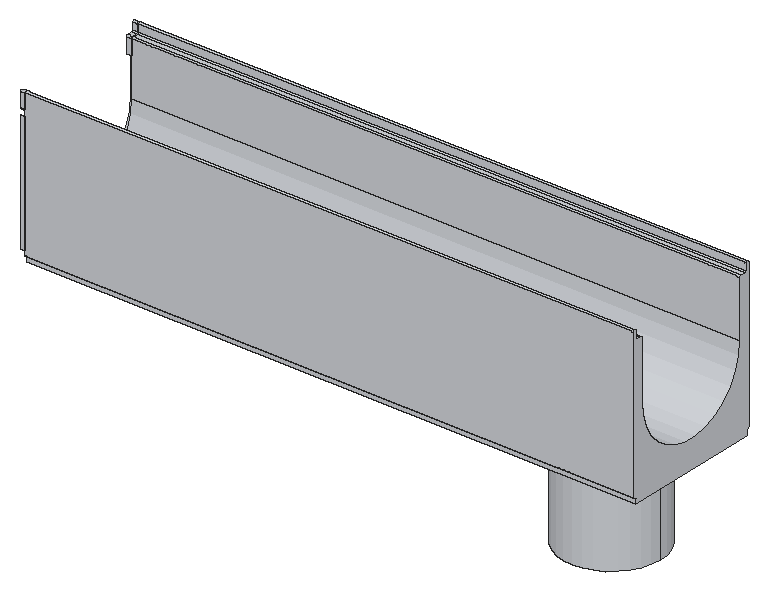
Revit family "T1705-PB-13", category Plumbing Fixtures, Revit 2026
Family settings
  Round Connector Dimension = Use Diameter
  Part Type = Normal
  Classification Number = 23.45.00.00
  Work Plane-Based = No
  Enable Cutting in Views = No
  Always vertical = Yes
  Cut with Voids When Loaded = No
  Maintain Annotation Orientation = No
  Shared = No
  Room Calculation Point = No
Parameters
  Pitch [instance] = 0.005
  Length = 39.40"  # constant formula
  Invert Body Depth 2 [instance] = Length * Pitch + Invert Body Depth 1  # 8.277"
  Invert Body Depth 1 [instance] = 8.08"
  Drain Wall Thickness = 0.65"
  Drain Outer Width = 9.20"
  Drain Inner Width [instance] = 7.90"
  Drain Base Thickness = 1.77"
  Default Elevation = 0.00"
Reference planes (in)
  plane 1 "Center (Front/Back)": y = 0
  plane 2: z = 0
  plane 3 "Center (Left/Right)": x = 0
  plane 4: y = 0
  plane 5: y = 9.2
  plane 6: y = 9.05
  plane 7: z = -9.06
  plane 8: y = 0.15
  plane 9: y = 0.65
  plane 10: z = -0.6
  plane 11: y = 0.15
  plane 12: y = 9.05
  plane 13: z = -0.6
  plane 14: y = 8.55
  plane 15: y = 0
  plane 16: y = 9.2
  plane 17: through (519.4, 9.05, -8.76) normal (0, -0.7071, 0.7071)
  plane 18: y = 9.05
  plane 19: z = -9.06
  plane 20: y = 0.15
  plane 21: through (519.4, 0, -8.61) normal (0, 0.7071, 0.7071)
  plane 22: y = 0.65
  plane 23: z = -0.6
  plane 24: y = 0.15
  plane 25: y = 9.05
  plane 26: z = -0.6
  plane 27: y = 8.55
  plane 28: z = 0
  plane 29: z = -15.9
  plane 30: x = 39.4
  plane 31: x = 34.3
  plane 32: x = 31.15
  plane 33: x = 37.45
  plane 34: y = 4.6
Forms (in)
  SweptBlend 1, solid
    path origin (0, 0, 0) x (1, 0, 0) y (0, 1, 0)
      loop
        line (0.31631, 0) -> (39.4, 0)
    profile origin (0.31631, 0, 0) x (0, 1, 0) y (0, 0, 1)
      loop
        line (0.15, -9.85) -> (9.05, -9.85) -> (9.05, -9.55) -> (9.2, -9.4) -> (9.2, -0.075)
        arc (9.2, -0.075) -> (9.125, 0) -> (9.05, -0.075) r 0.075
        line (9.05, -0.075) -> (9.05, -0.52334)
        arc (9.05, -0.52334) -> (9.02755, -0.57755) -> (8.97334, -0.6) r 0.07666
        line (8.97334, -0.6) -> (8.63185, -0.6)
        arc (8.63185, -0.6) -> (8.57397, -0.62397) -> (8.55, -0.68185) r 0.08185
        line (8.55, -0.68185) -> (8.55, -4.13)
        arc (8.55, -4.13) -> (4.6, -8.08) -> (0.65, -4.13) r 3.95
        line (0.65, -4.13) -> (0.65, -0.68185)
        arc (0.65, -0.68185) -> (0.62603, -0.62397) -> (0.56815, -0.6) r 0.08185
        line (0.56815, -0.6) -> (0.22666, -0.6)
        arc (0.22666, -0.6) -> (0.17245, -0.57755) -> (0.15, -0.52334) r 0.07666
        line (0.15, -0.52334) -> (0.15, -0.075)
        arc (0.15, -0.075) -> (0.075, 0) -> (0, -0.075) r 0.075
        line (0, -0.075) -> (0, -9.4) -> (0.15, -9.55) -> (0.15, -9.85)
    end profile origin (39.4, 0, 0) x (0, 1, 0) y (0, 0, 1)
      loop
        line (0.15, -10.047) -> (9.05, -10.047) -> (9.05, -9.747) -> (9.2, -9.597) -> (9.2, -0.075)
        arc (9.2, -0.075) -> (9.125, 0) -> (9.05, -0.075) r 0.075
        line (9.05, -0.075) -> (9.05, -0.52334)
        arc (9.05, -0.52334) -> (9.02755, -0.57755) -> (8.97334, -0.6) r 0.07666
        line (8.97334, -0.6) -> (8.63185, -0.6)
        arc (8.63185, -0.6) -> (8.57397, -0.62397) -> (8.55, -0.68185) r 0.08185
        line (8.55, -0.68185) -> (8.55, -4.327)
        arc (8.55, -4.327) -> (4.6, -8.277) -> (0.65, -4.327) r 3.95
        line (0.65, -4.327) -> (0.65, -0.68185)
        arc (0.65, -0.68185) -> (0.62603, -0.62397) -> (0.56815, -0.6) r 0.08185
        line (0.56815, -0.6) -> (0.22666, -0.6)
        arc (0.22666, -0.6) -> (0.17245, -0.57755) -> (0.15, -0.52334) r 0.07666
        line (0.15, -0.52334) -> (0.15, -0.075)
        arc (0.15, -0.075) -> (0.075, 0) -> (0, -0.075) r 0.075
        line (0, -0.075) -> (0, -9.597) -> (0.15, -9.747) -> (0.15, -10.047)
  Extrusion 2, void
    sketch origin (0, 0, 0) x (0, 1, 0) y (0, 0, 1)
      loop
        line (0.65, -4.13) -> (0.65, -1.66875) -> (0, -1.01875) -> (0, -1.44301) -> (0.35, -1.79301) -> (0.35, -4.13)
        arc (0.35, -4.13) -> (4.6, -8.38) -> (8.85, -4.13) r 4.25
        line (8.85, -4.13) -> (8.85, -1.79301) -> (9.2, -1.44301) -> (9.2, -1.01875) -> (8.55, -1.66875) -> (8.55, -4.13)
        arc (8.55, -4.13) -> (4.6, -8.08) -> (0.65, -4.13) r 3.95
      loop
        line (0, -9.4) -> (0.15, -9.55) -> (0.15, -9.85) -> (0.50707, -9.85) -> (0.50707, -9.66279) -> (0.20977, -9.14786) -> (0, -9.14786) -> (0, -9.4)
      loop
        line (9.2, -9.4) -> (9.2, -9.14786) -> (8.99023, -9.14786) -> (8.69293, -9.66279) -> (8.69293, -9.85) -> (9.05, -9.85) -> (9.05, -9.55) -> (9.2, -9.4)
    from 0 to 0.31631
  Extrusion 3, solid
    sketch origin (0, 0, 0) x (0, 1, 0) y (0, 0, 1)
      loop
        line (0, -0.075) -> (0, -9.4) -> (0.15, -9.55) -> (0.15, -9.85) -> (9.05, -9.85) -> (9.05, -9.55) -> (9.2, -9.4) -> (9.2, -0.075)
        arc (9.2, -0.075) -> (9.125, 0) -> (9.05, -0.075) r 0.075
        line (9.05, -0.075) -> (9.05, -0.52334)
        arc (9.05, -0.52334) -> (9.02755, -0.57755) -> (8.97334, -0.6) r 0.07666
        line (8.97334, -0.6) -> (8.63185, -0.6)
        arc (8.63185, -0.6) -> (8.57397, -0.62397) -> (8.55, -0.68185) r 0.08185
        line (8.55, -0.68185) -> (8.55, -4.13)
        arc (8.55, -4.13) -> (4.6, -8.08) -> (0.65, -4.13) r 3.95
        line (0.65, -4.13) -> (0.65, -0.68185)
        arc (0.65, -0.68185) -> (0.62603, -0.62397) -> (0.56815, -0.6) r 0.08185
        line (0.56815, -0.6) -> (0.22666, -0.6)
        arc (0.22666, -0.6) -> (0.17245, -0.57755) -> (0.15, -0.52334) r 0.07666
        line (0.15, -0.52334) -> (0.15, -0.075)
        arc (0.15, -0.075) -> (0.075, 0) -> (0, -0.075) r 0.075
    from 0 to 0.31631
  Extrusion 4, solid
    sketch origin (0, 0, 0) x (1, 0, 0) y (0, 1, 0)
      loop
        circle (34.3, 4.6) r 3.15
      loop
        circle (34.3, 4.6) r 2.85
    from -15.9 to -9.10072
Cuts and joins
  Extrusion 2 cuts Extrusion 3
Dimensions and locks (in)
  "Invert Body Depth 1": profile plane to SweptBlend 1 sketch curve
  "Drain Base Thickness": SweptBlend 1 sketch curve to SweptBlend 1 sketch curve  (x2)
  "Drain Outer Width": SweptBlend 1 sketch curve to SweptBlend 1 sketch curve  (x2)
  "Drain Wall Thickness": SweptBlend 1 sketch curve to SweptBlend 1 sketch curve  (x4)
  "Drain Inner Width": SweptBlend 1 sketch curve to SweptBlend 1 sketch curve  (x2)
  "Invert Body Depth 2": profile plane to SweptBlend 1 sketch curve
  "Length": SweptBlend 1 to plane 3 "Center (Left/Right)"
  level to plane 29 = 15.90"
  aligned and locked: level to plane 2
  aligned and locked: plane 4 to profile plane
  aligned and locked: plane 5 to SweptBlend 1 sketch curve
  aligned and locked: plane 6 to SweptBlend 1 sketch curve
  aligned and locked: SweptBlend 1 sketch curve to plane 8
  aligned and locked: plane 10 to SweptBlend 1 sketch curve
  aligned and locked: plane 11 to SweptBlend 1 sketch curve
  aligned and locked: plane 12 to SweptBlend 1 sketch curve
  aligned and locked: plane 13 to SweptBlend 1 sketch curve
  aligned and locked: Extrusion 2 to plane 3 "Center (Left/Right)"
Automatic sketch dimensions
  plane 1 "Center (Front/Back)" to SweptBlend 1 sketch curve = 0.00"
  plane 3 "Center (Left/Right)" to SweptBlend 1 sketch curve = 0.31631"
  SweptBlend 1 sketch curve to SweptBlend 1 sketch curve = 39.08369"
  Extrusion 4 sketch curve to plane 31 = 0.00"
  plane 34 to Extrusion 4 sketch curve = 0.00"
  Extrusion 4 sketch curve to Extrusion 4 sketch curve = 0.00"  (x2)
  Extrusion 2 sketch curve to plane 1 "Center (Front/Back)" = 0.00"  (x2)
  Extrusion 2 sketch curve to plane 1 "Center (Front/Back)" = 0.15"
  Extrusion 2 sketch curve to plane 1 "Center (Front/Back)" = 0.20977"
  Extrusion 2 sketch curve to plane 1 "Center (Front/Back)" = 0.35"
  Extrusion 2 sketch curve to Extrusion 2 sketch curve = 0.35707"  (x2)
  Extrusion 2 sketch curve to Extrusion 2 sketch curve = 0.30"  (x3)
  Extrusion 2 sketch curve to plane 34 = 4.09293"
  Extrusion 2 sketch curve to Extrusion 2 sketch curve = 0.29729"
  Extrusion 2 sketch curve to Extrusion 2 sketch curve = 0.35"  (x3)
  Extrusion 2 sketch curve to Extrusion 2 sketch curve = 0.20977"
  plane 29 to Extrusion 2 sketch curve = 6.05"  (x2)
  Extrusion 2 sketch curve to Extrusion 2 sketch curve = 0.18721"  (x2)
  Extrusion 2 sketch curve to Extrusion 2 sketch curve = 0.15"  (x2)
  Extrusion 2 sketch curve to Extrusion 2 sketch curve = 0.25214"  (x2)
  Extrusion 2 sketch curve to Extrusion 2 sketch curve = 2.33699"
  Extrusion 2 sketch curve to Extrusion 2 sketch curve = 0.12426"  (x2)
  Extrusion 2 sketch curve to Extrusion 2 sketch curve = 0.42426"  (x2)
  Extrusion 2 sketch curve to level = 1.66875"
  Extrusion 2 sketch curve to level = 1.79301"
  Extrusion 3 sketch curve to plane 1 "Center (Front/Back)" = 0.00"
  Extrusion 3 sketch curve to plane 34 = 0.00"
  Extrusion 3 sketch curve to Extrusion 3 sketch curve = 0.075"  (x2)
  Extrusion 3 sketch curve to plane 1 "Center (Front/Back)" = 0.15"
  Extrusion 3 sketch curve to Extrusion 3 sketch curve = 0.07666"  (x2)
  Extrusion 3 sketch curve to Extrusion 3 sketch curve = 0.34149"  (x2)
  Extrusion 3 sketch curve to plane 1 "Center (Front/Back)" = 0.65"
  Extrusion 3 sketch curve to Extrusion 3 sketch curve = 0.08185"
  Extrusion 3 sketch curve to plane 34 = 4.45"
  Extrusion 3 sketch curve to level = 0.075"  (x2)
  Extrusion 3 sketch curve to Extrusion 3 sketch curve = 0.44834"  (x2)
  Extrusion 3 sketch curve to level = 4.13"
  Extrusion 3 sketch curve to Extrusion 3 sketch curve = 5.27"  (x2)
  Extrusion 3 sketch curve to Extrusion 3 sketch curve = 0.15"  (x2)
  Extrusion 3 sketch curve to Extrusion 3 sketch curve = 0.30"
  Extrusion 2 sketch curve to Extrusion 2 sketch curve = 0.00"  (x2)
  Extrusion 2 sketch curve to plane 34 = 0.00"
  plane 8 to SweptBlend 1 sketch curve = 0.07666"
  SweptBlend 1 sketch curve to SweptBlend 1 sketch curve = 0.08185"
  plane 14 to SweptBlend 1 sketch curve = 0.08185"
  plane 6 to SweptBlend 1 sketch curve = 0.07666"
  SweptBlend 1 sketch curve to SweptBlend 1 sketch curve = 0.30"  (x4)
  SweptBlend 1 sketch curve to SweptBlend 1 sketch curve = 0.15"  (x4)
  SweptBlend 1 sketch curve to level = 0.075"  (x4)
  SweptBlend 1 sketch curve to profile plane = 0.00"
  SweptBlend 1 sketch curve to plane 20 = 0.00"  (x2)
  SweptBlend 1 sketch curve to plane 23 = 0.00"
  plane 23 to SweptBlend 1 sketch curve = 0.00"
  SweptBlend 1 sketch curve to plane 18 = 0.00"  (x2)
  plane 20 to SweptBlend 1 sketch curve = 0.07666"
  SweptBlend 1 sketch curve to plane 22 = 0.08185"
  plane 27 to SweptBlend 1 sketch curve = 0.08185"
  plane 18 to SweptBlend 1 sketch curve = 0.07666"
  radius of Extrusion 4 sketch curve = 3.15"
  radius of Extrusion 4 sketch curve = 2.85"
